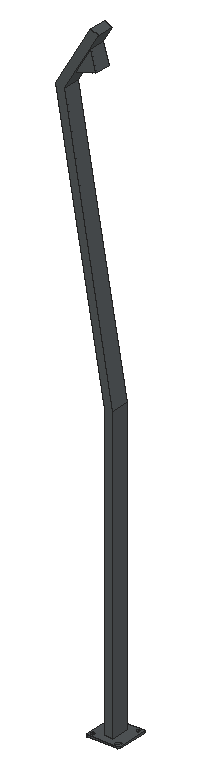
Revit family "Брейк", category Осветительные приборы, Revit 2019 (continued)
Types (3, lengths in mm): name | Файл фотометрической сетки | built-in parameter 1150105 | Lumens | built-in parameter 1150106 | built-in parameter 1150142 | Wattage | ADSK_Фактическая мощность | ADSK_Номинальная мощность | ADSK_Наименование | ADSK_Масса_Текст | ADSK_Масса | ADSK_Артикул | 60вт
    .8 306.2 299.4 299.0 304.3 310.7 315.0 318.7 323.8 331.5 339.6 346.6 351.5 356.6 363.8 374.6 388.1 402.7 416.6 428.6\r\n 437.6 442.9 444.0 442.7 441.4 443.2 447.5 452.8 456.4 458.5 459.4 459.3 457.3 452.2 444.4 434.3 423.3 410.6 396.1 378.7 359.7\r\n 339.5 319.2 298.9 279.8 262.1 245.8 229.4 212.3 194.6 177.1 161.1 147.0 134.5 123.0 111.8 101.3 91.9 83.6 75.6 67.7 60.3 54.0\r\n 49.1 45.0 41.4 38.0 34.7 31.7 29.4 27.9 27.1 26.5 25.7 24.9 24.3 23.9 23.6 23.0 21.8 20.1 18.0 15.8 13.8 12.1 10.7 9.4 8.1 7.0\r\n 6.7\r\n325.0 321.2 314.1 306.5 303.1 305.5 310.4 315.1 320.3 326.8 335.1 343.5 351.3 357.7 364.1 372.2 383.2 396.3 410.0 423.0 434.9\r\n 444.7 451.0 452.8 451.2 448.6 448.3 450.0 452.6 453.1 451.6 448.1 443.3 436.3 426.6 414.6 400.6 386.6 371.7 355.4 336.3 315.3\r\n 293.5 272.1 251.8 233.3 216.6 201.5 186.8 171.6 156.2 141.2 127.9 116.5 106.7 97.7 88.8 80.3 72.8 66.1 59.8 53.8 48.2 43.6 39.9\r\n 36.8 34.0 31.4 28.7 26.4 24.7 23.8 23.4 23.1 22.7 22.4 22.1 22.0 21.8 21.2 20.0 18.5 16.6 14.8 13.1 11.7 10.4 9.2 7.9 6.7 5.6\r\n325.0 323.1 317.3 309.6 305.2 305.7 309.3 313.6 319.6 327.1 336.0 345.2 354.4 363.2 372.0 381.9 393.4 405.5 417.3 428.0 438.2\r\n 447.0 453.4 455.8 454.6 451.5 449.4 448.8 449.0 447.1 442.9 435.8 426.8 415.4 401.5 385.5 368.5 352.2 336.3 319.6 300.2 278.7\r\n 256.6 235.5 216.1 198.9 183.8 170.5 157.9 145.2 132.4 119.8 108.5 98.6 90.3 82.6 75.1 67.9 61.3 55.5 50.3 45.6 41.4 37.8 34.7\r\n 32.1 29.6 27.2 24.9 22.9 21.6 20.9 20.6 20.2 19.8 19.5 19.3 19.2 18.8 18.1 17.0 15.6 14.1 12.7 11.5 10.4 9.4 8.2 7.0 5.6 4.7\r\n325.0 322.3 316.7 310.0 305.7 305.2 307.3 311.1 317.4 326.0 336.1 346.6 357.2 367.9 378.8 390.3 402.2 413.4 423.5 432.0 439.5\r\n 445.8 450.9 453.5 453.2 450.1 446.3 442.8 440.2 436.5 430.6 421.9 410.6 396.6 379.8 360.9 341.7 324.0 307.5 290.5 271.3 250.2\r\n 228.8 208.8 191.1 175.4 161.9 150.0 139.3 128.8 118.3 107.7 97.7 88.5 80.5 73.3 66.4 59.9 53.9 48.6 44.0 40.1 36.7 33.8 31.1 28.6\r\n 26.2 23.8 21.6 19.9 18.9 18.3 17.8 17.3 16.7 16.4 16.2 16.0 15.5 14.7 13.6 12.4 11.4 10.4 9.6 8.8 7.9 7.0 5.8 4.6 1.9\r\n325.0 320.0 314.6 309.8 306.5 305.4 306.1 309.5 316.2 326.2 337.6 349.4 360.8 372.3 384.1 396.1 407.7 418.1 427.2 434.3 439.8\r\n 443.3 446.5 448.8 449.5 446.8 441.4 435.0 429.1 423.2 416.3 406.8 394.7 379.4 361.1 341.3 321.7 303.7 286.6 269.0 249.7 229.1\r\n 208.9 190.5 174.4 160.2 148.0 137.2 127.8 119.0 110.2 101.0 91.7 82.7 74.5 67.3 60.6 54.5 48.9 44.0 39.7 36.2 33.1 30.5 28.0 25.7\r\n 23.3 21.0 18.9 17.5 16.6 16.0 15.3 14.6 14.0 13.7 13.5 13.3 12.7 11.9 10.9 9.9 9.2 8.6 8.1 7.4 6.7 5.9 4.9 3.6 2.9\r\n325.0 318.0 312.8 310.0 308.0 306.6 306.2 309.4 316.3 327.3 339.6 352.3 364.2 376.2 388.3 399.9 410.4 419.5 428.2 435.1 439.8\r\n 441.4 442.9 444.7 446.2 444.1 437.9 428.8 419.6 411.1 402.7 392.5 379.8 363.8 345.5 326.4 308.0 290.6 273.2 254.7 234.8 214.6\r\n 195.6 178.6 164.0 151.3 140.2 130.4 121.9 113.9 105.9 97.3 88.2 78.9 70.4 62.9 56.5 50.7 45.6 41.1 37.1 33.5 30.4 27.7 25.4 23.2\r\n 21.0 18.9 17.1 15.8 15.0 14.3 13.5 12.6 12.0 11.7 11.6 11.3 10.8 10.0 9.1 8.4 7.8 7.5 7.1 6.6 5.9 5.2 4.4 3.5 0.8\r\n325.0 316.1 310.6 308.9 308.1 307.7 307.6 311.0 317.9 328.9 341.1 354.1 366.6 379.6 392.0 402.7 411.3 418.6 426.9 434.3 439.8\r\n 441.4 442.4 443.9 445.5 443.5 436.8 426.2 414.7 403.7 393.4 381.9 368.1 351.5 333.5 315.9 299.3 282.7 265.0 245.8 225.7 206.1\r\n 188.0 172.2 158.7 147.0 136.9 127.8 119.7 111.9 104.1 95.5 86.0 76.3 67.5 59.8 53.5 48.3 43.7 39.7 35.8 32.0 28.6 25.8 23.5 21.5\r\n 19.5 17.7 16.2 15.0 14.1 13.2 12.3 11.4 10.9 10.6 10.5 10.2 9.7 8.9 8.2 7.6 7.2 6.9 6.6 6.1 5.5 4.9 4.2 3.5 3.3\r\n325.0 313.8 306.5 304.2 304.2 305.5 307.2 311.6 318.5 329.0 340.6 353.9 367.5 381.9 395.0 404.9 411.4 416.8 424.2 432.2 439.2\r\n 442.4 444.4 445.5 446.2 443.4 436.4 425.4 413.0 400.5 388.8 376.2 361.7 344.6 327.0 310.3 294.6 278.2 260.0 240.5 220.6 201.7\r\n 184.5 169.6 156.9 146.0 136.4 127.6 119.6 111.6 103.5 94.5 84.8 74.9 65.8 58.2 52.0 47.0 42.9 39.2 35.4 31.5 27.8 24.7 22.3 20.4\r\n 18.8 17.3 15.9 14.6 13.6 12.6 11.6 10.9 10.4 10.1 9.9 9.5 9.1 8.5 7.8 7.3 6.9 6.6 6.3 5.8 5.3 4.7 4.1 3.6 4.1\r\n325.0 310.4 300.1 296.1 296.7 300.2 304.4 310.4 317.6 327.8 339.2 353.0 367.8 383.6 397.1 406.2 411.1 414.8 421.1 429.4 437.9\r\n 443.6 447.0 447.7 446.5 442.1 435.2 425.2 413.8 401.3 389.0 375.5 360.3 343.0 325.5 309.0 293.1 276.3 257.6 238.1 218.5 200.2\r\n 183.6 169.5 157.4 146.9 137.5 128.7 120.3 112.0 103.6 94.5 84.7 74.8 65.7 58.0 51.9 47.1 43.1 39.4 35.6 31.7 27.8 24.5 22.0 20.1\r\n 18.5 17.1 15.8 14.6 13.4 12.3 11.4 10.7 10.2 9.9 9.6 9.3 8.9 8.3 7.7 7.2 6.8 6.5 6.1 5.7 5.1 4.6 4.0 3.3 1.6\r\n325.0 306.3 292.4 286.3 287.1 292.7 299.4 307.1 315.2 326.0 337.9 352.3 367.5 383.6 396.9 405.8 410.2 413.6 419.3 427.6 437.1\r\n 444.4 448.4 448.1 445.0 439.5 433.3 425.4 416.3 405.1 392.7 378.6 362.7 345.2 327.7 311.3 295.2 278.0 259.0 239.4 219.8 201.4\r\n 184.8 170.7 158.9 148.7 139.3 130.3 121.6 113.0 104.3 95.3 85.8 76.2 67.2 59.6 53.4 48.3 44.1 40.3 36.5 32.5 28.6 25.1 22.3 20.2\r\n 18.6 17.2 15.9 14.7 13.5 12.4 11.5 10.9 10.5 10.2 9.9 9.4 8.9 8.4 7.8 7.3 6.9 6.5 6.1 5.6 5.0 4.4 3.9 3.0 2.3\r\n325.0 302.2 284.9 277.3 278.8 286.8 295.9 305.2 314.3 325.8 338.2 352.2 366.4 381.5 394.5 403.9 409.4 413.9 420.1 428.5 438.0\r\n 445.3 449.0 447.9 443.9 438.5 433.9 428.8 422.4 412.7 400.3 385.1 368.2 350.4 333.2 317.2 301.2 284.0 264.9 244.9 224.6 205.6\r\n 188.4 173.9 161.7 151.5 141.9 132.8 123.7 114.8 106.0 97.2 88.1 78.9 70.1 62.4 55.8 50.3 45.7 41.6 37.8 34.0 30.1 26.4 23.3 21.0\r\n 19.1 17.6 16.4 15.1 14.0 13.0 12.1 11.5 11.2 10.9 10.5 9.9 9.3 8.7 8.2 7.7 7.3 6.9 6.4 5.8 5.1 4.5 4.0 3.4 1.7\r\n325.0 298.2 278.3 270.3 273.8 284.7 296.0 306.3 315.9 327.6 339.5 351.8 363.5 376.8 389.5 400.6 408.6 415.5 423.1 431.9 440.8\r\n 447.1 450.0 448.8 445.4 441.3 438.5 435.7 431.2 422.8 410.5 394.9 377.3 359.4 342.5 327.0 311.5 294.8 275.5 254.9 233.6 213.6\r\n 195.4 180.0 167.0 156.0 145.9 136.3 126.9 117.7 108.9 100.1 91.4 82.5 73.9 66.0 59.0 52.9 47.8 43.4 39.7 36.0 32.2 28.3 25.0 22.2\r\n 20.2 18.6 17.3 16.2 15.1 14.1 13.3 12.7 12.3 12.0 11.5 10.9 10.2 9.5 9.0 8.5 8.1 7.7 7.1 6.3 5.5 4.8 4.3 3.8 4.4\r\n325.0 294.6 273.0 266.2 272.9 286.8 299.8 310.2 319.2 329.9 340.2 350.0 359.3 371.0 383.9 396.7 407.1 416.2 425.2 434.5 443.3\r\n 449.3 452.3 452.0 450.1 447.6 445.9 444.0 440.4 433.2 422.1 407.5 390.7 373.5 356.9 341.8 326.6 310.0 290.5 269.1 247.1 226.4\r\n 207.6 191.3 177.0 164.3 152.8 142.1 132.1 122.7 113.6 104.7 96.0 87.1 78.5 70.2 62.7 56.1 50.4 45.8 42.0 38.5 34.7 30.9 27.3 24.2\r\n 21.8 20.1 18.8 17.7 16.8 15.8 14.9 14.3 13.9 13.6 13.2 12.5 11.8 11.1 10.6 10.1 9.6 9.1 8.4 7.4 6.4 5.5 4.7 4.0 4.2\r\n325.0 291.3 269.1 264.4 274.7 290.9 304.3 313.5 320.9 329.7 338.1 346.2 354.2 365.4 378.6 392.3 403.6 413.5 423.3 433.7 443.6\r\n 450.9 455.0 456.1 455.5 454.1 452.4 450.3 446.9 441.5 433.2 421.9 408.0 392.8 377.4 362.7 347.6 330.9 311.3 289.7 267.4 246.4\r\n 227.2 209.9 193.8 178.9 165.0 152.5 141.4 131.2 121.6 112.0 102.6 93.2 84.1 75.5 67.5 60.3 54.3 49.4 45.4 41.7 38.0 34.0 30.2\r\n 26.9 24.2 22.3 20.9 19.9 18.9 18.0 17.1 16.4 16.0 15.9 15.6 15.1 14.5 13.9 13.4 12.7 12.0 11.1 10.1 8.9 7.7 6.5 5.3 4.0 1.5\r\n325.0 289.5 267.8 265.4 278.0 294.4 306.6 313.6 318.9 325.6 332.8 340.8 349.5 361.4 374.8 388.0 398.5 407.4 416.7 428.0 439.9\r\n 449.9 456.0 458.7 458.9 457.8 455.6 453.2 450.6 447.9 443.8 437.4 428.0 416.3 403.4 390.0 375.3 358.6 339.1 318.0 296.3 275.8\r\n 256.5 238.4 220.6 203.2 186.7 171.8 158.7 146.9 135.7 124.6 113.5 102.8 92.7 83.2 74.6 67.1 60.7 55.4 50.8 46.7 42.5 38.4 34.4\r\n 30.7 27.6 25.3 23.6 22.4 21.4 20.4 19.5 18.9 18.7 18.7 18.7 18.5 18.2 17.7 17.0 16.1 15.0 13.6 12.1 10.5 9.0 7.4 5.9 4.2 2.1\r\n325.0 290.1 270.0 269.2 282.0 296.3 305.8 310.4 313.7 318.9 325.5 334.6 345.2 358.5 371.7 383.9 392.6 400.0 408.4 420.0 433.3\r\n 445.3 453.4 457.5 458.5 458.1 456.3 454.7 453.8 454.4 454.7 453.0 448.1 440.7 431.4 420.9 408.1 392.8 374.7 355.0 335.0 315.9\r\n 297.3 278.7 259.6 240.1 221.3 204.0 188.6 174.3 160.4 146.4 132.5 119.3 107.2 96.4 86.8 78.6 71.6 65.6 60.0 54.8 49.9 45.1 40.6\r\n 36.4 32.7 29.7 27.4 25.8 24.5 23.3 22.3 21.7 21.5 21.7 21.9 22.0 21.8 21.4 20.6 19.4 17.7 15.7 13.7 11.8 9.9 8.2 6.4 4.6 3.2\r\n325.0 293.6 276.0 275.5 286.2 297.0 303.3 305.7 307.7 311.9 318.3 328.4 340.6 355.3 368.6 380.2 387.9 394.1 400.9 411.3 424.1\r\n 436.7 445.9 451.6 454.4 455.9 456.1 456.9 458.9 462.8 466.3 467.7 466.0 462.1 456.8 450.2 441.2 429.3 414.3 397.8 381.1 364.9\r\n 348.6 330.7 311.1 290.3 270.1 251.3 234.0 217.3 200.3 182.6 164.9 148.1 133.0 119.9 108.6 99.1 90.8 83.6 76.5 69.5 62.9 56.9 51.4\r\n 46.2 41.4 37.3 34.0 31.3 29.2 27.5 26.1 25.1 24.7 24.7 24.8 24.7 24.5 23.9 22.8 21.2 19.1 16.8 14.5 12.3 10.3 8.4 6.6 4.8 3.5\r\n325.0 299.3 284.5 283.1 290.3 297.2 300.8 301.9 303.4 307.2 313.2 323.2 335.5 350.4 364.0 375.9 383.8 390.0 395.7 404.2 414.7\r\n 425.9 435.3 442.7 448.2 452.7 456.5 460.8 466.1 472.3 477.3 479.7 479.4 478.0 476.3 474.1 470.3 463.4 453.5 441.4 429.3 417.4\r\n 404.6 388.8 369.9 349.4 329.6 311.4 294.3 276.7 257.6 236.6 215.1 194.3 175.7 159.6 145.9 134.4 124.4 115.2 105.9 96.5 87.6 79.4\r\n 72.2 65.3 58.8 52.9 47.8 43.6 40.0 36.9 34.3 32.2 30.5 29.3 28.2 27.1 26.0 24.8 23.2 21.2 18.9 16.4 14.1 12.0 10.0 8.1 6.4 4.8\r\n 2.8\r\n325.0 305.0 292.6 289.8 293.3 296.8 298.4 299.0 300.8 304.9 310.6 319.4 330.4 344.4 357.8 370.2 379.1 385.9 391.2 397.7 405.5\r\n 414.8 424.2 433.4 441.7 449.5 456.9 464.7 472.6 479.9 484.9 487.4 488.1 488.8 490.2 492.0 493.0 491.2 486.3 479.2 472.1 465.0\r\n 456.5 443.9 427.6 409.7 393.0 378.0 363.7 347.6 328.7 306.6 282.9 259.5 238.3 219.8 203.9 190.4 178.4 167.0 155.4 143.5 131.9\r\n 121.4 111.9 102.8 94.1 85.9 78.6 72.1 66.3 60.8 55.6 50.6 45.8 41.2 36.8 32.9 29.4 26.3 23.5 20.7 17.9 15.4 13.2 11.3 9.5 7.7 6.1\r\n 4.6 3.7\r\n325.0 309.0 298.2 293.9 294.3 295.3 295.8 296.6 299.2 304.0 309.5 317.0 325.8 337.7 350.0 362.1 371.6 379.1 384.7 390.3 396.7\r\n 405.0 414.9 425.6 436.2 446.3 456.2 466.0 475.0 482.2 486.9 490.2 492.9 496.2 500.5 505.2 509.2 510.6 509.3 506.0 503.0 500.2\r\n 496.0 488.0 476.5 463.6 451.9 442.0 432.0 419.6 403.3 383.1 360.5 337.6 316.3 297.4 281.0 266.6 253.5 240.8 227.7 214.4 201.5\r\n 189.6 178.5 167.6 157.1 147.2 138.4 129.9 121.5 112.7 103.1 92.6 81.4 70.0 58.9 48.8 40.0 32.7 26.8 22.0 18.1 15.1 12.9 11.1 9.4\r\n 7.8 6.2 4.7 3.0\r\n325.0 309.5 298.5 292.8 291.3 291.0 291.4 293.1 296.9 302.5 308.0 314.2 320.9 330.5 341.1 352.1 361.0 368.2 374.0 379.7 386.6\r\n 395.6 406.8 418.8 430.6 441.4 451.8 461.8 470.3 476.8 481.8 487.2 493.4 500.1 506.8 512.8 517.4 519.7 520.0 519.4 519.7 520.7\r\n 521.1 518.9 513.6 506.9 500.4 494.8 488.6 480.4 468.6 453.1 434.9 415.8 397.4 380.7 365.9 352.7 340.3 328.1 315.6 303.3 291.8\r\n 281.0 270.6 260.0 249.9 240.9 232.8 224.5 214.6 202.0 186.4 167.6 146.4 123.8 101.5 80.8 62.6 47.8 36.1 27.4 21.0 16.7 13.9 11.9\r\n 10.2 8.6 7.1 5.7 2.8\r\n325.0 307.0 294.2 287.2 284.9 284.1 285.3 288.5 293.7 300.1 305.5 310.3 315.0 322.4 331.3 340.5 347.9 353.5 358.9 365.5 374.4\r\n 385.3 398.0 410.6 422.4 432.7 442.2 450.8 457.5 463.0 468.9 477.5 487.6 497.7 506.0 512.0 515.9 517.9 519.0 520.5 523.7 528.6\r\n 533.9 537.9 539.1 537.7 534.4 530.7 526.7 522.0 515.3 505.9 493.8 480.0 466.0 453.1 441.7 431.7 422.0 412.3 402.6 394.0 386.8\r\n 380.4 373.8 366.8 360.5 355.7 351.9 346.4 336.7 321.1 299.0 270.4 236.5 199.7 162.6 127.6 96.7 71.1 51.3 36.7 26.6 20.2 16.3 13.9\r\n 11.9 10.2 8.6 7.2 7.4\r\n325.0 302.6 287.3 279.6 277.4 276.7 278.6 282.9 289.8 296.9 302.2 305.6 308.4 313.6 320.9 328.3 333.6 337.1 341.7 349.0 359.9\r\n 372.6 385.8 398.0 408.7 417.9 425.9 432.4 436.9 441.4 448.3 459.5 472.7 484.9 493.8 499.4 502.9 505.3 508.0 512.0 518.2 526.8\r\n 537.0 546.6 552.9 554.5 552.2 548.5 545.3 543.5 541.6 537.9 531.1 522.0 511.9 502.6 495.0 489.0 483.2 477.0 471.2 467.3 465.8\r\n 465.6 465.2 464.5 464.7 466.9 469.6 469.1 461.5 444.2 416.3 378.2 331.9 280.5 228.0 178.0 133.6 96.7 68.1 47.4 33.4 24.6 19.5\r\n 16.4 14.1 12.1 10.4 8.9 7.9\r\n325.0 299.3 282.5 275.3 273.4 272.3 273.5 277.8 285.5 293.3 298.6 300.5 301.7 304.9 310.6 315.9 319.0 320.4 324.1 331.9 344.1\r\n 357.1 369.5 379.9 389.0 396.9 403.2 407.5 410.0 413.7 421.4 434.0 448.4 461.0 469.6 475.2 479.3 483.5 488.4 494.7 503.1 514.7\r\n 528.4 541.9 551.4 554.6 552.4 548.5 546.1 546.8 548.6 549.1 545.9 539.7 532.2 525.8 521.5 519.0 516.6 513.6 510.9 510.9 514.0\r\n 519.5 525.3 531.3 538.4 547.2 555.8 560.0 554.6 536.8 505.1 460.3 404.6 342.1 277.8 216.3 161.4 115.8 80.7 55.4 38.6 28.2 22.2\r\n 18.6 16.0 13.8 11.9 10.8 7.3\r\n325.0 297.9 281.0 274.9 273.5 271.5 271.0 273.8 280.7 288.0 292.9 294.2 294.7 296.7 300.8 303.9 304.9 304.8 307.9 315.8 327.7\r\n 339.5 349.6 357.4 364.1 370.3 374.8 377.3 378.6 382.2 390.4 403.2 416.9 428.2 435.9 441.5 447.0 453.3 460.0 467.6 477.0 489.6\r\n 504.8 519.9 530.7 534.9 533.6 530.6 529.7 532.4 536.6 539.4 538.3 534.1 528.6 524.3 522.3 522.0 521.6 520.2 519.1 520.6 525.8\r\n 534.2 544.0 554.7 566.5 579.4 591.2 597.7 593.8 576.3 543.3 495.6 435.8 368.3 298.5 231.6 172.0 122.8 85.0 58.2 40.5 29.8 23.6\r\n 19.9 17.1 14.7 12.9 11.8 15.6\r\n325.0 298.3 281.9 276.6 275.0 272.5 270.1 270.7 275.0 280.0 283.7 284.9 286.1 288.3 291.4 292.6 291.8 290.5 293.2 300.5 311.2\r\n 321.0 328.4 333.1 337.0 340.4 342.9 344.0 345.2 349.2 357.6 369.2 381.0 390.4 396.8 402.0 407.9 415.0 422.3 429.8 438.6 450.3\r\n 464.5 478.8 489.4 494.5 494.9 494.0 494.8 498.8 503.9 507.8 508.0 505.5 502.1 499.8 499.4 500.0 500.1 499.0 497.8 498.7 503.3\r\n 511.5 521.9 533.9 546.8 560.0 571.4 577.6 574.1 557.6 526.2 480.3 422.4 356.7 288.5 223.1 165.0 117.4 81.1 55.5 38.8 28.8 23.1\r\n 19.7 17.0 14.8 13.0 12.3 10.8\r\n325.0 298.5 281.6 276.0 274.3 272.3 269.3 267.8 268.3 269.7 271.4 273.2 276.1 279.4 282.1 281.8 279.5 277.5 279.3 285.4 294.1\r\n 301.8 306.6 308.5 309.4 309.9 310.4 310.4 311.6 315.7 323.5 333.2 342.6 349.8 354.7 358.8 363.7 369.7 376.2 382.7 390.1 399.6\r\n 411.0 422.5 431.5 436.9 439.0 440.2 442.3 446.6 451.6 455.7 457.0 456.1 454.6 453.8 454.2 454.9 454.8 453.3 451.2 450.7 453.0\r\n 458.8 467.0 477.0 487.8 498.6 507.3 511.5 507.8 493.1 465.5 425.2 374.1 316.0 255.4 197.1 145.4 103.3 71.5 49.2 34.6 26.0 21.2\r\n 18.3 15.9 13.9 12.3 11.5 11.0\r\n325.0 297.3 278.6 271.4 269.8 269.4 267.2 264.5 261.5 259.5 259.4 261.6 265.9 269.9 271.9 270.4 267.3 264.6 265.1 269.2 275.7\r\n 281.4 284.3 284.0 282.5 280.7 279.5 278.8 279.7 282.9 288.9 296.0 303.0 308.3 311.7 314.1 317.0 320.9 325.6 330.7 336.4 343.2\r\n 351.0 358.7 365.0 369.6 372.4 374.7 377.1 380.9 385.4 389.4 391.4 391.6 391.0 390.9 391.4 392.0 391.7 389.8 387.0 385.1 385.3\r\n 387.9 392.3 398.0 404.5 411.3 416.4 418.0 413.6 401.0 378.5 346.1 305.0 258.1 208.8 161.2 119.2 85.0 59.2 41.0 29.1 22.2 18.4\r\n 16.0 14.2 12.4 11.0 10.2 12.0\r\n325.0 294.7 273.1 263.9 262.4 264.0 263.5 260.8 256.1 252.1 250.6 252.6 256.5 259.5 259.8 257.3 253.9 251.0 250.3 251.9 255.7\r\n 259.2 260.4 258.8 256.0 253.4 251.7 250.4 250.2 251.8 255.4 260.1 264.9 268.4 270.0 270.5 271.1 272.8 275.7 279.1 283.0 287.2\r\n 291.5 295.3 298.3 300.9 303.0 305.0 306.9 309.7 313.3 317.0 319.3 319.7 318.9 318.3 318.4 318.8 318.5 316.8 314.2 311.9 310.6\r\n 310.3 310.7 311.7 313.7 316.3 318.1 317.5 312.4 301.5 283.9 259.4 228.9 194.1 157.4 122.1 90.8 65.4 46.1 32.5 23.6 18.4 15.5 13.7\r\n 12.2 10.8 9.4 8.3 6.2\r\n325.0 292.2 267.9 256.6 254.8 257.5 258.3 256.4 251.8 247.4 245.0 245.4 247.1 247.5 245.8 242.6 239.6 236.9 235.3 234.8 235.8\r\n 236.7 236.2 233.7 230.7 228.2 226.5 224.9 223.7 223.5 225.0 227.9 230.7 232.4 232.0 230.5 229.1 228.9 229.8 231.4 233.4 235.3\r\n 236.7 237.1 237.0 236.9 237.3 237.8 238.6 240.0 242.5 245.5 247.4 247.4 245.8 244.2 243.7 243.9 243.9 242.8 240.8 238.6 236.6\r\n 234.5 231.9 229.4 227.7 227.2 226.6 224.4 219.0 209.6 196.0 178.4 157.1 133.5 108.8 85.0 64.1 46.9 33.9 24.6 18.6 15.0 13.0 11.7\r\n 10.5 9.3 8.1 6.5 3.5\r\n325.0 292.1 266.7 253.6 250.2 252.2 253.1 251.5 247.3 243.0 239.7 238.0 236.7 234.3 230.9 227.6 225.3 223.2 221.1 219.0 217.4\r\n 215.7 213.5 210.4 207.7 205.6 203.9 202.0 199.8 198.3 198.5 199.9 201.0 200.6 197.9 194.3 191.1 189.3 188.6 188.5 188.7 188.7\r\n 187.8 185.7 183.1 180.6 178.9 177.7 177.0 177.0 178.1 179.7 180.7 180.0 177.8 175.4 174.2 174.2 174.4 173.7 172.4 170.6 168.4\r\n 165.4 161.5 157.3 153.9 151.8 150.0 
